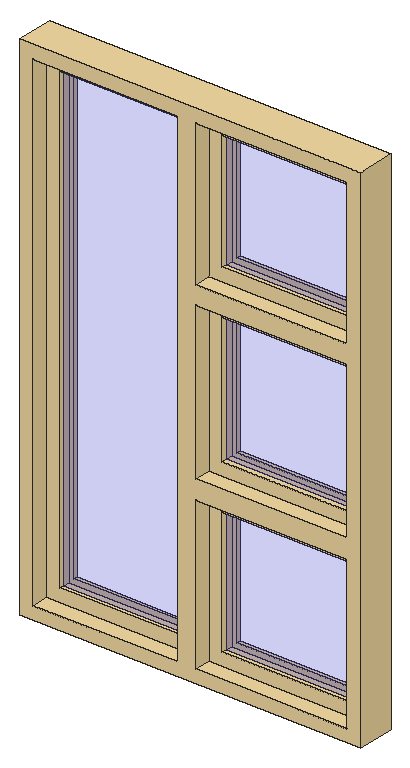
Revit family "4804-COto 62", category Windows, host Wall, Revit 2016
Family settings
  Host = Wall
  OmniClass Number = 23.30.20.00
  OmniClass Title = Windows
  Always vertical = Yes
  Cut with Voids When Loaded = No
  Shared = No
  Room Calculation Point = No
Parameters (values of type "1188x1788mm")
  top 4 [instance] = yes
  top 3 [instance] = yes
  top 2 [instance] = no
  top 1 [instance] = yes
  right 4 [instance] = no
  right 2 [instance] = yes
  right 1 [instance] = no
  right 3 [instance] = no
  left 4 [instance] = no
  left 3 [instance] = no
  left 2 [instance] = no
  left 1 [instance] = no
  Sash 4 [instance] = or(top 4, right 4, left 4)  # yes
  Sash 3 [instance] = or(top 3, right 3, left 3)  # yes
  Sash 2 [instance] = or(top 2, right 2, left 2)  # yes
  Sash 1 [instance] = or(top 1, right 1, left 1)  # yes
  Rough Width = Width + 2 * Joint  # 1212 mm
  Rough Height = Height + 2 * Joint  # 1812 mm
  Offset from wall = 40 mm
  Mullion 3 Placement = 1192 mm
  Mullion 1 Placement = 594 mm
  Mullion 2 Placement = 596 mm
  Manufacturer = "www.kronevinduer.dk"
  Joint = 12 mm
  Height = 1788 mm
  Frame 176mm [instance] = no
  Frame 157mm [instance] = no
  Default Sill Height = 800 mm
  Wall Closure = By host
  Width = 1188 mm
Reference planes
  plane 1 "Center (Front/Back)": y = 0
  plane 2 "Center (Left/Right)": x = 0
  plane 3 "Left": x = -594
  plane 4 "Right": x = 594
  plane 5 "Sill": z = 800
  plane 6 "Head": z = 2588
  plane 7 "Exterior": y = 100
  plane 8 "Interior": y = -100
  plane 9: y = 60
  plane 10: x = 582
  plane 11: x = -582
  plane 12: z = 812
  plane 13: z = 2576
  plane 14: x = -12
  plane 15: z = 1408
  plane 16: x = 285
  plane 17: x = -297
  plane 18: z = 1110
  plane 19: z = 1694
  plane 20: z = 2004
  plane 21: z = 2290
  plane 22: z = 1706
Forms (mm)
  Sweep 1, solid, material "Wood frame"
    path origin (0, 100, 0) x (1, 0, 0) y (0, 0, 1)
      loop
        line (582, 812) -> (582, 2576) -> (-582, 2576) -> (-582, 812) -> (582, 812)
    profile "COto 62 træ-alu,karm- fast glas 45mm : COto 62 træ-alu,karm- fast glas 45mm" origin (0, 100, 812) x (0, 0, -1) y (0, -1, 0)
      loop
        line (0, 170) -> (-45, 170) -> (-45, 99) -> (-27, 99) -> (-27, 51) -> (-45, 51) -> (-45, 40) -> (0, 40) -> (0, 170)
  Sweep 2, solid, material "Wood frame"
    path origin (0, 100, 0) x (1, 0, 0) y (0, 0, 1)
      loop
        line (-12, 812) -> (-12, 2576)
    profile "COto 62 træ-alu, Post-fast glas 63 mm : COto 62 træ-alu, Post-fast glas 63 mm" origin (-12, 100, 1694) x (-1, 0, 0) y (0, -1, 0)
      loop
        line (31.5, 170) -> (-31.5, 170) -> (-31.5, 99) -> (-13.5, 99) -> (-13.5, 51) -> (-31.5, 51) -> (-31.5, 40) -> (31.5, 40) -> (31.5, 51) -> (13.5, 51) -> (13.5, 99) -> (31.5, 99) -> (31.5, 170)
  Extrusion 3, solid, material "Glass"
    sketch origin (594, 0, 0) x (0, -1, 0) y (0, 0, 1)
      loop
        line (-1, 839) -> (-1, 2549) -> (-49, 2549) -> (-49, 839) -> (-1, 839)
    from 39 to 592.5
  Sweep 4, solid, material "Wood frame", visible <- "Frame 157mm"
    path origin (0, 100, 0) x (1, 0, 0) y (0, 0, 1)
      loop
        line (582, 812) -> (582, 2576) -> (-582, 2576) -> (-582, 812) -> (582, 812)
    profile "COto 62 træ-alu,karm- fast glas 45mm-157 : COto 62 træ-alu,karm- fast glas 45mm-157" origin (0, 100, 812) x (0, 0, -1) y (0, -1, 0)
      loop
        line (0, 197) -> (-45, 197) -> (-45, 99) -> (-27, 99) -> (-27, 51) -> (-45, 51) -> (-45, 40) -> (0, 40) -> (0, 197)
  Sweep 5, solid, material "Wood frame", visible <- "Frame 157mm"
    path origin (0, 100, 0) x (1, 0, 0) y (0, 0, 1)
      loop
        line (-12, 2576) -> (-12, 812)
    profile "COto 62 træ-alu, Post-fast glas 63 mm-157 : COto 62 træ-alu, Post-fast glas 63 mm-157" origin (-12, 100, 1694) x (1, 0, 0) y (0, -1, 0)
      loop
        line (31.5, 197) -> (-31.5, 197) -> (-31.5, 99) -> (-13.5, 99) -> (-13.5, 51) -> (-31.5, 51) -> (-31.5, 40) -> (31.5, 40) -> (31.5, 51) -> (13.5, 51) -> (13.5, 99) -> (31.5, 99) -> (31.5, 197)
  Sweep 6, solid, material "Wood frame", visible <- "Frame 176mm"
    path origin (0, 100, 0) x (1, 0, 0) y (0, 0, 1)
      loop
        line (582, 812) -> (582, 2576) -> (-582, 2576) -> (-582, 812) -> (582, 812)
    profile "COto 62 træ-alu,karm- fast glas 45mm-176 : COto 62 træ-alu,karm- fast glas 45mm-176" origin (0, 100, 812) x (0, 0, -1) y (0, -1, 0)
      loop
        line (0, 216) -> (-45, 216) -> (-45, 99) -> (-27, 99) -> (-27, 51) -> (-45, 51) -> (-45, 40) -> (0, 40) -> (0, 216)
  Sweep 7, solid, material "Wood frame", visible <- "Frame 176mm"
    path origin (0, 100, 0) x (1, 0, 0) y (0, 0, 1)
      loop
        line (-12, 2576) -> (-12, 812)
    profile "COto 62 træ-alu, Post-fast glas 63 mm-176 : COto 62 træ-alu, Post-fast glas 63 mm-176" origin (-12, 100, 1694) x (1, 0, 0) y (0, -1, 0)
      loop
        line (31.5, 216) -> (-31.5, 216) -> (-31.5, 99) -> (-13.5, 99) -> (-13.5, 51) -> (-31.5, 51) -> (-31.5, 40) -> (31.5, 40) -> (31.5, 51) -> (13.5, 51) -> (13.5, 99) -> (31.5, 99) -> (31.5, 216)
  Extrusion 8, solid, material "Glass"
    sketch origin (594, 0, 0) x (0, -1, 0) y (0, 0, 1)
      loop
        line (-1, 839) -> (-1, 2549) -> (-49, 2549) -> (-49, 839) -> (-1, 839)
    from 619.5 to 1149
  Sweep 9, solid, material "Wood frame"
    path origin (0, 100, 0) x (1, 0, 0) y (0, 0, 1)
      loop
        line (582, 1408) -> (-12, 1408)
    profile "COto 62 træ-alu, Post-fast glas 63 mm : COto 62 træ-alu, Post-fast glas 63 mm" origin (285, 100, 1408) x (0, 0, -1) y (0, -1, 0)
      loop
        line (31.5, 170) -> (-31.5, 170) -> (-31.5, 99) -> (-13.5, 99) -> (-13.5, 51) -> (-31.5, 51) -> (-31.5, 40) -> (31.5, 40) -> (31.5, 51) -> (13.5, 51) -> (13.5, 99) -> (31.5, 99) -> (31.5, 170)
  Sweep 10, solid, material "Wood frame", visible <- "Frame 157mm"
    path origin (0, 100, 0) x (1, 0, 0) y (0, 0, 1)
      loop
        line (582, 1408) -> (-12, 1408)
    profile "COto 62 træ-alu, Post-fast glas 63 mm-157 : COto 62 træ-alu, Post-fast glas 63 mm-157" origin (285, 100, 1408) x (0, 0, -1) y (0, -1, 0)
      loop
        line (31.5, 197) -> (-31.5, 197) -> (-31.5, 99) -> (-13.5, 99) -> (-13.5, 51) -> (-31.5, 51) -> (-31.5, 40) -> (31.5, 40) -> (31.5, 51) -> (13.5, 51) -> (13.5, 99) -> (31.5, 99) -> (31.5, 197)
  Sweep 11, solid, material "Wood frame", visible <- "Frame 176mm"
    path origin (0, 100, 0) x (1, 0, 0) y (0, 0, 1)
      loop
        line (582, 1408) -> (-12, 1408)
    profile "COto 62 træ-alu, Post-fast glas 63 mm-176 : COto 62 træ-alu, Post-fast glas 63 mm-176" origin (285, 100, 1408) x (0, 0, -1) y (0, -1, 0)
      loop
        line (31.5, 216) -> (-31.5, 216) -> (-31.5, 99) -> (-13.5, 99) -> (-13.5, 51) -> (-31.5, 51) -> (-31.5, 40) -> (31.5, 40) -> (31.5, 51) -> (13.5, 51) -> (13.5, 99) -> (31.5, 99) -> (31.5, 216)
  Sweep 12, solid, material "Wood frame", visible <- "Sash 1"
    path origin (0, 100, 0) x (1, 0, 0) y (0, 0, 1)
      loop
        line (555, 839) -> (555, 1394.5) -> (1.5, 1394.5) -> (1.5, 839) -> (555, 839)
    profile "COto 62 træ-alu,opluk-ramme : COto 62 træ-alu,opluk-ramme" origin (278.25, 100, 839) x (0, 0, -1) y (0, -1, 0)
      loop
        line (0, 99) -> (-18, 99) -> (-18, 114) -> (-63, 114) -> (-63, 99) -> (-45, 99) -> (-45, 51) -> (-63, 51) -> (-63, 40) -> (0, 40) -> (0, 99)
  Sweep 13, solid, material "Wood frame", visible <- "Sash 2"
    path origin (0, 100, 0) x (1, 0, 0) y (0, 0, 1)
      loop
        line (-25.5, 839) -> (-25.5, 2549) -> (-555, 2549) -> (-555, 839) -> (-25.5, 839)
    profile "COto 62 træ-alu,opluk-ramme : COto 62 træ-alu,opluk-ramme" origin (-290.25, 100, 839) x (0, 0, -1) y (0, -1, 0)
      loop
        line (0, 99) -> (-18, 99) -> (-18, 114) -> (-63, 114) -> (-63, 99) -> (-45, 99) -> (-45, 51) -> (-63, 51) -> (-63, 40) -> (0, 40) -> (0, 99)
  Sweep 14, solid, material "Wood frame"
    path origin (0, 100, 0) x (1, 0, 0) y (0, 0, 1)
      loop
        line (582, 2004) -> (-12, 2004)
    profile "COto 62 træ-alu, Post-fast glas 63 mm : COto 62 træ-alu, Post-fast glas 63 mm" origin (285, 100, 2004) x (0, 0, -1) y (0, -1, 0)
      loop
        line (31.5, 170) -> (-31.5, 170) -> (-31.5, 99) -> (-13.5, 99) -> (-13.5, 51) -> (-31.5, 51) -> (-31.5, 40) -> (31.5, 40) -> (31.5, 51) -> (13.5, 51) -> (13.5, 99) -> (31.5, 99) -> (31.5, 170)
  Sweep 15, solid, material "Wood frame", visible <- "Frame 157mm"
    path origin (0, 100, 0) x (1, 0, 0) y (0, 0, 1)
      loop
        line (582, 2004) -> (-12, 2004)
    profile "COto 62 træ-alu, Post-fast glas 63 mm-157 : COto 62 træ-alu, Post-fast glas 63 mm-157" origin (285, 100, 2004) x (0, 0, -1) y (0, -1, 0)
      loop
        line (31.5, 197) -> (-31.5, 197) -> (-31.5, 99) -> (-13.5, 99) -> (-13.5, 51) -> (-31.5, 51) -> (-31.5, 40) -> (31.5, 40) -> (31.5, 51) -> (13.5, 51) -> (13.5, 99) -> (31.5, 99) -> (31.5, 197)
  Sweep 16, solid, material "Wood frame", visible <- "Frame 176mm"
    path origin (0, 100, 0) x (1, 0, 0) y (0, 0, 1)
      loop
        line (582, 2004) -> (-12, 2004)
    profile "COto 62 træ-alu, Post-fast glas 63 mm-176 : COto 62 træ-alu, Post-fast glas 63 mm-176" origin (285, 100, 2004) x (0, 0, -1) y (0, -1, 0)
      loop
        line (31.5, 216) -> (-31.5, 216) -> (-31.5, 99) -> (-13.5, 99) -> (-13.5, 51) -> (-31.5, 51) -> (-31.5, 40) -> (31.5, 40) -> (31.5, 51) -> (13.5, 51) -> (13.5, 99) -> (31.5, 99) -> (31.5, 216)
  Sweep 17, solid, material "Wood frame", visible <- "Sash 3"
    path origin (0, 100, 0) x (1, 0, 0) y (0, 0, 1)
      loop
        line (555, 1421.5) -> (555, 1990.5) -> (1.5, 1990.5) -> (1.5, 1421.5) -> (555, 1421.5)
    profile "COto 62 træ-alu,opluk-ramme : COto 62 træ-alu,opluk-ramme" origin (278.25, 100, 1421.5) x (0, 0, -1) y (0, -1, 0)
      loop
        line (0, 99) -> (-18, 99) -> (-18, 114) -> (-63, 114) -> (-63, 99) -> (-45, 99) -> (-45, 51) -> (-63, 51) -> (-63, 40) -> (0, 40) -> (0, 99)
  Sweep 18, solid, material "Wood frame", visible <- "Sash 4"
    path origin (0, 100, 0) x (1, 0, 0) y (0, 0, 1)
      loop
        line (555, 2017.5) -> (555, 2549) -> (1.5, 2549) -> (1.5, 2017.5) -> (555, 2017.5)
    profile "COto 62 træ-alu,opluk-ramme : COto 62 træ-alu,opluk-ramme" origin (278.25, 100, 2017.5) x (0, 0, -1) y (0, -1, 0)
      loop
        line (0, 99) -> (-18, 99) -> (-18, 114) -> (-63, 114) -> (-63, 99) -> (-45, 99) -> (-45, 51) -> (-63, 51) -> (-63, 40) -> (0, 40) -> (0, 99)
Cuts and joins
  joined: Sweep 1, Sweep 2, Sweep 9, Sweep 14
  joined: Sweep 4, Sweep 5, Sweep 10, Sweep 15
  joined: Sweep 6, Sweep 7, Sweep 11, Sweep 16
Lines and regions (mm)
  Opening 1
    outline origin (3500, -100, 0) x (1, 0, 0) y (0, 0, 1)
      loop
        line (-2906, 800) -> (-2906, 2588) -> (-4094, 2588) -> (-4094, 800) -> (-2906, 800)
  symbolic lines, visible <- "top 1"
    curve 1: line (555, 100, 1394.5) -> (285, 100, 839)
    curve 2: line (285, 100, 839) -> (1.5, 100, 1394.5)
  symbolic lines, visible <- "left 1"
    curve 3: line (555, 100, 1394.5) -> (1.5, 100, 1110)
    curve 4: line (1.5, 100, 1110) -> (555, 100, 839)
  symbolic lines, visible <- "right 1"
    curve 5: line (1.5, 100, 1394.5) -> (555, 100, 1110)
    curve 6: line (555, 100, 1110) -> (1.5, 100, 839)
  symbolic lines, visible <- "top 2"
    curve 7: line (-25.5, 100, 2549) -> (-297, 100, 839)
    curve 8: line (-297, 100, 839) -> (-555, 100, 2549)
  symbolic lines, visible <- "right 2"
    curve 9: line (-555, 100, 2549) -> (-25.5, 100, 1694)
    curve 10: line (-25.5, 100, 1694) -> (-555, 100, 839)
  symbolic lines, visible <- "left 2"
    curve 11: line (-25.5, 100, 2549) -> (-555, 100, 1694)
    curve 12: line (-555, 100, 1694) -> (-25.5, 100, 839)
  symbolic lines, visible <- "top 3"
    curve 13: line (555, 100, 1990.5) -> (285, 100, 1421.5)
    curve 14: line (285, 100, 1421.5) -> (1.5, 100, 1990.5)
  symbolic lines, visible <- "top 4"
    curve 15: line (555, 100, 2549) -> (285, 100, 2017.5)
    curve 16: line (285, 100, 2017.5) -> (1.5, 100, 2549)
  symbolic lines, visible <- "right 4"
    curve 17: line (1.5, 100, 2549) -> (555, 100, 2290)
    curve 18: line (555, 100, 2290) -> (1.5, 100, 2017.5)
  symbolic lines, visible <- "left 4"
    curve 19: line (555, 100, 2549) -> (1.5, 100, 2290)
    curve 20: line (1.5, 100, 2290) -> (555, 100, 2017.5)
  symbolic lines, visible <- "left 3"
    curve 21: line (555, 100, 1990.5) -> (1.5, 100, 1706)
    curve 22: line (1.5, 100, 1706) -> (555, 100, 1421.5)
  symbolic lines, visible <- "right 3"
    curve 23: line (1.5, 100, 1990.5) -> (555, 100, 1706)
    curve 24: line (555, 100, 1706) -> (1.5, 100, 1421.5)
Text (mm)
  text "EXTERIOR" at (-1963.203, 1332.353, 0), in view "Ref. Level"
  text "INTERIOR" at (-1981.466, -818.386, 0), in view "Ref. Level"
  text "Exterior" at (0, 923.751, 2943.296), in view "Right"
  text "Exterior" at (0, 1040.484, 2685.409), in view "Left"
Dimensions and locks
  equal spacing: plane 3 "Left", plane 2 "Center (Left/Right)", plane 4 "Right"
  "Width": plane 3 "Left" to plane 4 "Right"
  "Height": plane 5 "Sill" to plane 6 "Head"
  "Default Sill Height": plane 5 "Sill" to level
  locked: plane 7 "Exterior" to host wall at 0
  locked: plane 8 "Interior" to host wall
  "Joint": plane 13 to plane 6 "Head"
  "Joint": plane 5 "Sill" to plane 12
  "Joint": plane 3 "Left" to plane 11
  "Joint": plane 10 to plane 4 "Right"
  "Offset from wall": plane 9 to plane 7 "Exterior"
  "Mullion 1 Placement": plane 14 to plane 10
  "Mullion 2 Placement": plane 12 to plane 15
  equal spacing: plane 14, plane 16, plane 10
  equal spacing: plane 12, plane 18, plane 15
  equal spacing: plane 11, plane 17, plane 14
  equal spacing: plane 12, plane 19, plane 13
  "Mullion 3 Placement": plane 12 to plane 20
  equal spacing: plane 20, plane 21, plane 13
  equal spacing: plane 15, plane 22, plane 20
  aligned and locked: plane 12 to Sweep 1 sketch curve
  aligned and locked: plane 10 to Sweep 1 sketch curve
  aligned and locked: Sweep 1 sketch curve to plane 13
  aligned and locked: Sweep 1 sketch curve to plane 11
  aligned and locked: Extrusion 3 sketch curve to cut or joined group of Sweep 1, Sweep 2, Sweep 9, Sweep 14  (x2)
  aligned and locked: Extrusion 3 to cut or joined group of Sweep 1, Sweep 2, Sweep 9, Sweep 14  (x4)
  aligned and locked: Sweep 4 sketch curve to cut or joined group of Sweep 1, Sweep 2, Sweep 9, Sweep 14  (x4)
  aligned and locked: Sweep 6 sketch curve to cut or joined group of Sweep 1, Sweep 2, Sweep 9, Sweep 14  (x4)
  aligned and locked: Extrusion 8 sketch curve to cut or joined group of Sweep 1, Sweep 2, Sweep 9, Sweep 14  (x2)
  aligned and locked: Extrusion 8 to cut or joined group of Sweep 1, Sweep 2, Sweep 9, Sweep 14  (x4)
  aligned and locked: Sweep 12 sketch curve to cut or joined group of Sweep 1, Sweep 2, Sweep 9, Sweep 14  (x3)
  aligned and locked: cut or joined group of Sweep 1, Sweep 2, Sweep 9, Sweep 14 to Sweep 12 sketch curve
  aligned and locked: cut or joined group of Sweep 1, Sweep 2, Sweep 9, Sweep 14 to Sweep 13 sketch curve
  aligned and locked: Sweep 13 sketch curve to cut or joined group of Sweep 1, Sweep 2, Sweep 9, Sweep 14  (x3)
  aligned and locked: Sweep 17 sketch curve to cut or joined group of Sweep 1, Sweep 2, Sweep 9, Sweep 14  (x2)
  aligned and locked: cut or joined group of Sweep 1, Sweep 2, Sweep 9, Sweep 14 to Sweep 17 sketch curve  (x2)
  aligned and locked: Sweep 18 sketch curve to cut or joined group of Sweep 1, Sweep 2, Sweep 9, Sweep 14  (x2)
  aligned and locked: cut or joined group of Sweep 1, Sweep 2, Sweep 9, Sweep 14 to Sweep 18 sketch curve  (x2)
Automatic sketch dimensions
  Opening 1 sketch curve to plane 3 "Left" = 0 mm
  Opening 1 sketch curve to plane 4 "Right" = 0 mm
  Opening 1 sketch curve to plane 5 "Sill" = 0 mm
  Opening 1 sketch curve to plane 6 "Head" = 0 mm
  Sweep 2 sketch curve to plane 13 = 0 mm
  plane 14 to Sweep 2 sketch curve = 0 mm
  Sweep 2 sketch curve to plane 12 = 0 mm
  Extrusion 3 sketch curve to plane 5 "Sill" = 39 mm
  plane 6 "Head" to Extrusion 3 sketch curve = 39 mm
  Sweep 5 sketch curve to plane 12 = 0 mm
  plane 14 to Sweep 5 sketch curve = 0 mm
  Sweep 5 sketch curve to plane 13 = 0 mm
  Sweep 7 sketch curve to plane 12 = 0 mm
  plane 14 to Sweep 7 sketch curve = 0 mm
  Sweep 7 sketch curve to plane 13 = 0 mm
  Extrusion 8 sketch curve to plane 5 "Sill" = 39 mm
  plane 6 "Head" to Extrusion 8 sketch curve = 39 mm
  plane 14 to Sweep 9 sketch curve = 0 mm
  plane 10 to Sweep 9 sketch curve = 0 mm
  Sweep 9 sketch curve to plane 15 = 0 mm
  plane 14 to Sweep 10 sketch curve = 0 mm
  plane 10 to Sweep 10 sketch curve = 0 mm
  Sweep 10 sketch curve to plane 15 = 0 mm
  plane 14 to Sweep 11 sketch curve = 0 mm
  plane 10 to Sweep 11 sketch curve = 0 mm
  Sweep 11 sketch curve to plane 15 = 0 mm
  plane 14 to Sweep 14 sketch curve = 0 mm
  plane 10 to Sweep 14 sketch curve = 0 mm
  Sweep 14 sketch curve to plane 20 = 0 mm
  plane 14 to Sweep 15 sketch curve = 0 mm
  plane 10 to Sweep 15 sketch curve = 0 mm
  Sweep 15 sketch curve to plane 20 = 0 mm
  plane 14 to Sweep 16 sketch curve = 0 mm
  plane 10 to Sweep 16 sketch curve = 0 mm
  Sweep 16 sketch curve to plane 20 = 0 mm
  curve 11 to plane 19 = 0 mm
  plane 17 to curve 7 = 0 mm
  curve 9 to plane 19 = 0 mm
  curve 19 to plane 21 = 0 mm
  curve 4 to plane 18 = 0 mm
  curve 21 to plane 22 = 0 mm
  plane 16 to curve 13 = 0 mm
  plane 16 to curve 1 = 0 mm
  plane 16 to curve 15 = 0 mm
  curve 17 to plane 21 = 0 mm
  curve 6 to plane 18 = 0 mm
  curve 23 to plane 22 = 0 mm
  curve 12 to plane 11 = 27 mm
  curve 8 to plane 11 = 27 mm
  plane 14 to curve 11 = 13.5 mm
  plane 14 to curve 9 = 13.5 mm
  curve 17 to plane 14 = 13.5 mm
  curve 5 to plane 14 = 13.5 mm
  curve 19 to plane 14 = 13.5 mm
  curve 4 to plane 14 = 13.5 mm
  curve 21 to plane 14 = 13.5 mm
  curve 14 to plane 14 = 13.5 mm
  plane 10 to curve 17 = 27 mm
  plane 10 to curve 6 = 27 mm
  plane 10 to curve 19 = 27 mm
  plane 10 to curve 3 = 27 mm
  plane 10 to curve 21 = 27 mm
  plane 12 to curve 7 = 27 mm
  plane 12 to curve 2 = 27 mm
  curve 5 to plane 15 = 13.5 mm
  curve 3 to plane 15 = 13.5 mm
  plane 15 to curve 13 = 13.5 mm
  plane 20 to curve 23 = 13.5 mm
  plane 20 to curve 13 = 13.5 mm
  curve 15 to plane 20 = 13.5 mm
  curve 17 to plane 13 = 27 mm
  curve 7 to plane 13 = 27 mm
  curve 15 to plane 13 = 27 mm
  curve 8 to plane 13 = 27 mm
  curve 10 to plane 11 = 27 mm
  plane 14 to curve 12 = 13.5 mm
  curve 18 to plane 14 = 13.5 mm
  curve 24 to plane 14 = 13.5 mm
  curve 6 to plane 14 = 13.5 mm
  plane 10 to curve 4 = 27 mm
  plane 10 to curve 20 = 27 mm
  plane 10 to curve 22 = 27 mm
  plane 10 to curve 23 = 27 mm
  plane 12 to curve 4 = 27 mm
  plane 12 to curve 6 = 27 mm
  curve 12 to curve 6 = 0 mm
  plane 12 to curve 10 = 27 mm
  plane 15 to curve 24 = 13.5 mm
  plane 15 to curve 22 = 13.5 mm
  curve 18 to plane 20 = 13.5 mm
  curve 20 to plane 20 = 13.5 mm
